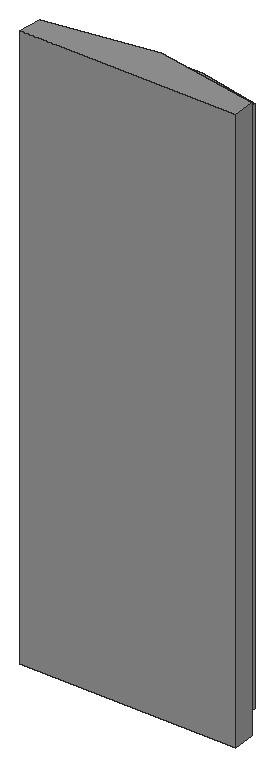
Revit family "JC KONTAKTER JCK205 Armbågskontakt", category Specialty Equipment, host Wall, Revit 2025
Family settings
  Host = Wall
  Round Connector Dimension = Use Diameter
  Part Type = Normal
  Enable Cutting in Views = Yes
  Always vertical = Yes
  Cut with Voids When Loaded = No
  Maintain Annotation Orientation = No
  Shared = No
  Room Calculation Point = No
Parameters (values of type "Armbågskontakt JCK205")
  URL = "https://jckontakter.se/produkt/armbagskontakter-plast/armbagskontakt-jck205/"
  Tillverkningsland = "Sverige"
  Tillvalsförteckning = "https://jckontakter.se/wp-content/uploads/sites/2/Tillval_metall_2024.pdf"
  Tekniskt produktblad = "https://jckontakter.se/wp-content/uploads/2019/06/JCK205.pdf"
  Produktvikt = "0.230 kg"
  Placering av armbågskontakt = "https://jckontakter.se/start/nyheter-och-information/armbagskontakter-placering-riktlinjer/"
  Nominell märkström = "12 V - Resistive 6A Inductive L/R 5ms 6A, 24 V - Resistive 6A Inductive L/R 5ms 5A"
  Model = "JCK205"  # constant formula
  Mikrobrytare = "Standard NO IP67"
  Manufacturer = "JC Kontakter"  # constant formula
  Lägsta märkström = "1mA/4 V DC"
  Core Finish = ABS 750SW
  Keynote = ""
  Lid Finish = ABS 750SW
  Description = "JCK205 är en robust armbågskontakt med konvex tryckplatta och taktila rillor som standard. Rillorna underlättar för synsvaga att veta var de ska trycka för att aktivera armbågskontakten.\r\nModellen har ett aluminiuminfärgat lock och mörkgrå underdel.\r\nJCK205 levereras med 1st mikrobrytare i IP67, men går även att beställa med fler."  # constant formula
  Default Elevation = 0 mm
  CE Dokument = "https://jckontakter.se/wp-content/uploads/CE_Dokument.pdf"
  Assembly Code = ""
  Antal mikrobrytare = 1
Reference planes
  plane 1 "Wall": y = 0
  plane 2 "Center (Left/Right)": x = 125
  plane 3 "Back": y = 75
  plane 4 "A": z = 800
Lines and regions (mm)
  Masking region 1
    outline origin (0, 0, -100) x (1, 0, 0) y (0, 0, 1)
      loop
        line (175, 1145) -> (75, 1145) -> (75, 900) -> (175, 900) -> (175, 1145)
  symbolic lines
    curve 1: line (75, 125, 0) -> (175, 125, 0)
    curve 2: line (75, 75, 0) -> (75, 125, 0)
    curve 3: line (175, 75, 0) -> (75, 75, 0)
    curve 4: line (175, 125, 0) -> (175, 75, 0)
    curve 5: line (175, 0, 1045) -> (75, 0, 1045)
    curve 6: line (175, 0, 800) -> (175, 0, 1045)
    curve 7: line (75, 0, 800) -> (175, 0, 800)
    curve 8: line (75, 0, 1045) -> (75, 0, 800)
Text (mm)
  text "Placement Side" at (-1848.837, 1116.779, 0), in view "Ref. Level"
  text "Placement side" at (0, 1409.804, 2854.306), in view "Left"
  text "Placement side" at (0, 499.811, 2980.732), in view "Right"
Dimensions and locks
  locked: plane 3 "Back" to host wall
  locked: curve 3 to curve 1 at 50
  aligned and locked: plane 1 "Wall" to host wall
  aligned and locked: nested 1 to plane 3 "Back"
  aligned and locked: curve 3 to plane 3 "Back"
  aligned and locked: plane 4 "A" to curve 7
  aligned and locked: curve 6 to Masking region 1
  aligned and locked: Masking region 1 to curve 8
Nested families
  nested 1: "AK_205" at (125, 75, 800) x (-1, 0, 0) z (0, 0, 1), type "AK_205", detail levels medium+fine
Definition of nested family "AK_205"
  Parameters (values of type "AK_205")
    URL = "https://jckontakter.se/produkt/armbagskontakter-plast/armbagskontakt-jck205/"
    Model = "JCK205"  # constant formula
    Manufacturer = "JC Kontakter"  # constant formula
    Lid Finish = none
    Core Finish = none
    Description = "https://jckontakter.se/produkt/armbagskontakter-plast/armbagskontakt-jck205/"  # constant formula
    Default Elevation = 0 mm
  Reference planes
    plane 1 "Center (Front/Back)": y = 0
    plane 2: z = 0
    plane 3 "Center (Left/Right)": x = 0
    plane 4 "1": x = 47.5
    plane 5 "A": z = 5
    plane 6 "B": z = 245
  Forms (mm)
    Extrusion 1, solid, material <- "Core Finish"
      sketch origin (0, 0, 0) x (1, 0, 0) y (0, 1, 0)
        loop
          line (-47.5, 0) -> (-46.5, -10) -> (0, -18) -> (46.5, -10) -> (47.5, 0) -> (-47.5, 0)
      from 0 to 250
    Extrusion 2, void
      sketch origin (0, 0, 0) x (1, 0, 0) y (0, 1, 0)
        loop
          line (-42.5, -4) -> (-42.5, -18.223) -> (42.5, -18.223) -> (42.5, -4) -> (-42.5, -4)
      from 5 to 245
    Extrusion 3, solid, material <- "Lid Finish"
      sketch origin (0, 0, 5) x (-1, 0, 0) y (0, -1, 0)
        loop
          line (-42, 6) -> (42, 6) -> (41.5, 18.145)
          arc (41.5, 18.145) -> (0, 24) -> (-41.5, 18.145) r 150
          line (-41.5, 18.145) -> (-42, 6)
      from 0.5 to 239.5
    Extrusion 4, solid, material <- "Lid Finish"
      sketch origin (0, 0, 5) x (-1, 0, 0) y (0, -1, 0)
        loop
          line (30.48, 20.761) -> (30.656, 21.746) -> (28.687, 22.097) -> (28.511, 21.112) -> (30.48, 20.761)
        loop
          line (24.5, 21.866) -> (24.634, 22.857) -> (22.652, 23.126) -> (22.518, 22.135) -> (24.5, 21.866)
        loop
          line (18.504, 22.704) -> (18.644, 23.694) -> (16.664, 23.975) -> (16.524, 22.985) -> (18.504, 22.704)
        loop
          line (12.5, 23.393) -> (12.5, 24.393) -> (10.5, 24.393) -> (10.5, 23.393) -> (12.5, 23.393)
      from 30 to 210
  Cuts and joins
    Extrusion 2 cuts Extrusion 1
  Dimensions and locks
    aligned and locked: level to plane 2
